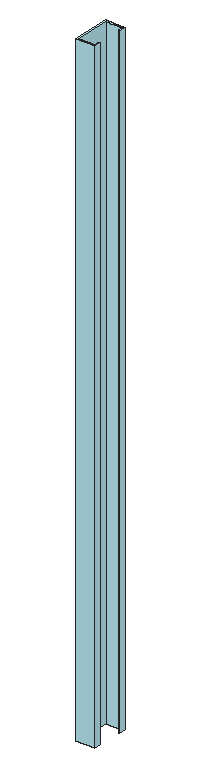
Revit family "lg60x30x10x2-3", category 機械設備, Revit 2022
Family settings
  丸型コネクタ寸法 = 直径を使用
  種別 = なし
  パーツ タイプ = 標準
  作業面ベース = いいえ
  常に垂直 = はい
  ロード時にボイドで切り取り = いいえ
  注釈の向きを維持 = いいえ
  共有 = いいえ
  部屋計算ポイント = いいえ
Parameters
  製造元 = "株式会社桐井製作所"
  既定の高さ = 0 mm
  URL = "https://www.kirii.co.jp/"
  K_長さ(mm) [instance] = 1000 mm
  K_材質 = "SSC400"
  K_断面積A(mm2) = 287.2
  K_断面係数Zy(mm3) = 1704
  K_断面係数Zx(mm3) = 5196
  K_断面2次半径iy(mm) = 10.7
  K_断面2次半径ix(mm) = 23.3
  K_断面2次モーメントIy(mm4) = 33120
  K_断面2次モーメントIx(mm4) = 155900
  K_外形寸法(mm) = "60×30×10×2.3"
  K_品名 = "(JIS)60×30×10×2.3"
  K_名称 = "補強材"
  K_単位質量(kg/m) = 2.278
  K_ヤング係数E(N/mm2) = 205000
  K_バージョン情報 = "20210524"
  K_めっき付着量 = "Z12"
  K_JIS規格 = "JIS G 3350"
Reference planes
  plane 1 "中心(正面/背面)": y = 0
  plane 2: z = 0
  plane 3 "中心(左/右)": x = 0
  plane 4: z = 1000
  plane 5: y = 60
Forms (mm)
  Extrusion 1, solid
    sketch origin (0, 0, 0) x (1, 0, 0) y (0, 1, 0)
      loop
        line (0, 0) -> (30, 0) -> (30, 10) -> (27.7, 10) -> (27.7, 2.3) -> (2.3, 2.3) -> (2.3, 57.7) -> (27.7, 57.7) -> (27.7, 50) -> (30, 50) -> (30, 60) -> (0, 60) -> (0, 0)
    from 0 to 1000
Dimensions and locks
  "K_長さ(mm)": plane 4 to plane 2
  aligned and locked: level to plane 2
  aligned and locked: plane 4 to Extrusion 1
Automatic sketch dimensions
  Extrusion 1 sketch curve to plane 3 "中心(左/右)" = 0 mm
  plane 1 "中心(正面/背面)" to Extrusion 1 sketch curve = 0 mm
  Extrusion 1 sketch curve to plane 1 "中心(正面/背面)" = 10 mm
  Extrusion 1 sketch curve to Extrusion 1 sketch curve = 25.4 mm  (x2)
  Extrusion 1 sketch curve to Extrusion 1 sketch curve = 2.3 mm  (x3)
  Extrusion 1 sketch curve to plane 1 "中心(正面/背面)" = 2.3 mm
  Extrusion 1 sketch curve to Extrusion 1 sketch curve = 40 mm
  Extrusion 1 sketch curve to Extrusion 1 sketch curve = 7.7 mm
  plane 3 "中心(左/右)" to Extrusion 1 sketch curve = 2.3 mm
